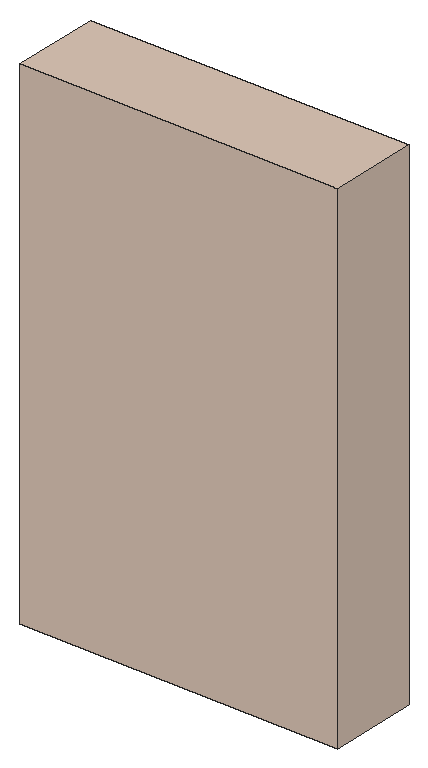
Revit family "Niche_NobleCompany_302", category Generic Models, host Wall, Revit 2014
Parameters (values of type "302 Arched")
  Width = 1' - 2 1/4"
  URL = "www.noblecompany.com"
  Tile Thickness [instance] = 0' - 0 1/4"
  Thickness = 0' - 1 1/8"
  Specification = ""
  Sales Information = "http://noblecompany.com/contact/"
  Revision = "R1_09-2016"
  Product Properties = "http://noblecompany.com/products/noble-niches"
  Product Data = "http://www.arcat.com/arcatcos/cos34/arc34489.html"
  Niche Material = Acrylic Polymer Finish
  Model = "302"
  Manufacturer Website = "www.noblecompany.com"
  Manufacturer Phone - Toll Free = "800-878-5788"
  Manufacturer Phone = "231-799-8000"
  Manufacturer Fax = "231-799-8850"
  Manufacturer Address = "P. O. Box 350, Grand Haven, MI 49417-0350"
  Manufacturer = "Noble Company"
  Keynote = "10 28 00"
  Installation-Fabrication = "http://noblecompany.com/storage/docs/resources/NN062016-13_Noble_Niche_Installation_Instruction.pdf"
  Instal Height [instance] = 5' - 0"
  Height = 1' - 10 1/2"
  Drawn By = "Sumex Design - Robert S Weygant"
  Description = "302 Arched Niche"
  Depth = 0' - 4"
  Copyright = "� 2016 ARCAT Inc."
  Construction Details = ""
  Assembly Code = "D2010700"
Reference planes (in)
  plane 1: y = 0
  plane 2 "Center (Left/Right)": x = 0
  plane 3 "Wall Edge": y = 3
  plane 4: x = -7.125
  plane 5: y = 2.75
  plane 6: y = -1.25
  plane 7: x = 7.125
  plane 8: z = 60
  plane 9: z = 37.5
  plane 10: x = -6
  plane 11: x = 6
  plane 12: y = -0.75
  plane 13: z = 38.75
  plane 14: z = 58.875
Forms (in)
  Extrusion 1, void
    sketch origin (0, 0, 0) x (1, 0, 0) y (0, 1, 0)
      loop
        line (-7.125, 2.75) -> (-7.125, -1.25) -> (7.125, -1.25) -> (7.125, 2.75) -> (-7.125, 2.75)
    from 37.5 to 60
  Extrusion 2, solid, material "Acrylic Polymer Finish" <- "Niche Material"
    sketch origin (0, 0, 0) x (1, 0, 0) y (0, 1, 0)
      loop
        line (-7.125, 2.75) -> (-7.125, -1.25) -> (7.125, -1.25) -> (7.125, 2.75) -> (-7.125, 2.75)
    from 37.5 to 60
  Extrusion 3, void
    sketch origin (0, 3, 0) x (1, 0, 0) y (0, 0, 1)
      loop
        line (6, 38.75) -> (6, 52.625) -> (0, 58.875) -> (-6, 52.625) -> (-6, 38.75) -> (6, 38.75)
    from 0 to 3.75
Cuts and joins
  Extrusion 3 cuts Extrusion 2
Text (in)
  text "Placement Side" at (0, 40.15149, 123.01588), in view "Right"
  text "Placement Side" at (-105.78919, 39.84311, 0), in view "Ref. Level"
  text "Placement Side" at (0, 81.62555, 140.59947), in view "Left"
Dimensions and locks (in)
  host wall to plane 3 "Wall Edge" = 0' - 0"
  equal spacing: plane 4, plane 2 "Center (Left/Right)", plane 7
  "Width": plane 4 to plane 7
  "Depth": plane 5 to plane 6
  "Height": plane 9 to plane 8
  "Instal Height": level to plane 8
  locked: plane 12 to plane 6 at 0.5
  locked: plane 4 to plane 10 at 1.125
  locked: plane 11 to plane 7 at 1.125
  "Thickness": plane 14 to plane 8
  plane 9 to plane 13 = 0' - 1 1/4"
  plane 9 to Extrusion 3 sketch curve = 1' - 3 1/8"  (x2)
  host wall to plane 5 = 0' - 0 1/4"
  "Tile Thickness": plane 5 to plane 3 "Wall Edge"
  aligned and locked: Extrusion 1 sketch curve to plane 5
  aligned and locked: plane 4 to Extrusion 1 sketch curve
  aligned and locked: plane 6 to Extrusion 1 sketch curve
  aligned and locked: plane 7 to Extrusion 1 sketch curve
  aligned and locked: plane 8 to Extrusion 1
  aligned and locked: Extrusion 1 to plane 9
  aligned and locked: Extrusion 2 sketch curve to plane 5
  aligned and locked: plane 4 to Extrusion 2 sketch curve
  aligned and locked: plane 6 to Extrusion 2 sketch curve
  aligned and locked: plane 7 to Extrusion 2 sketch curve
  aligned and locked: plane 8 to Extrusion 2
  aligned and locked: Extrusion 2 to plane 9
  aligned and locked: plane 11 to Extrusion 3 sketch curve
  aligned and locked: plane 10 to Extrusion 3 sketch curve
  aligned and locked: Extrusion 3 to plane 12
  aligned and locked: Extrusion 3 sketch curve to plane 13
  aligned and locked: Extrusion 3 to plane 3 "Wall Edge"
  aligned and locked: plane 3 "Wall Edge" to host wall
Automatic sketch dimensions
  Extrusion 3 sketch curve to plane 2 "Center (Left/Right)" = 0' - 0"
  Extrusion 3 sketch curve to plane 14 = 0' - 0"
